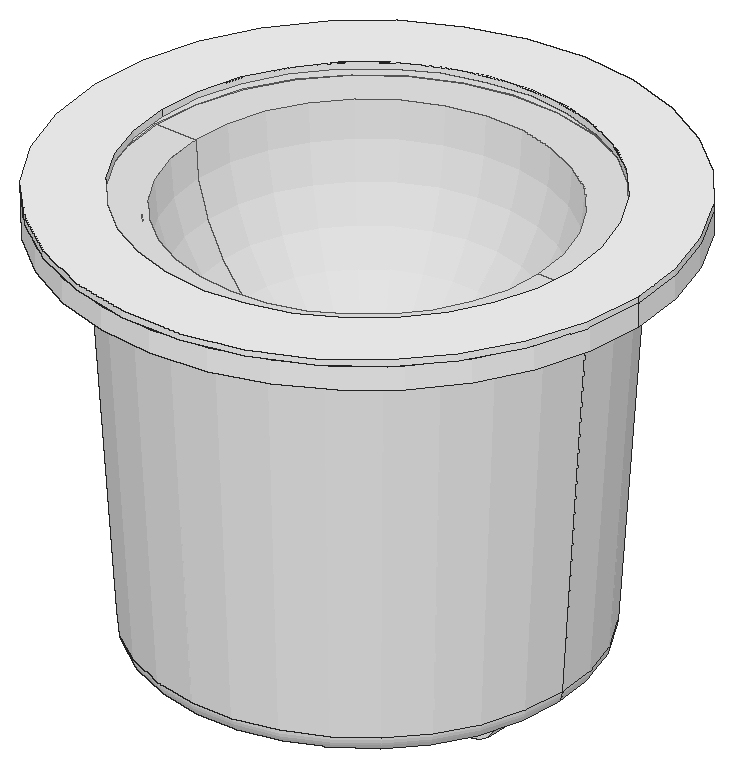
Revit family "2058890 Feilo Sylvania Lighting Fixture MYRD IP ST 4K PHDMEM BLK WBEZ", category Lighting Fixtures, host Face, Revit 2017
Family settings
  Host = Face
  Round Connector Dimension = Use Diameter
  Part Type = Normal
  OmniClass Number = 23.80.70.11.17
  OmniClass Title = Specialized Lighting by Location or Use
  Cut with Voids When Loaded = No
  Light Source = Yes
  Shared = No
  Room Calculation Point = No
Parameters
  Weight = "1.44 kg"
  Wattage = 12 W
  WarrantyStartDate [instance] = "n/a"
  WarrantyGuarantorParts = "n/a"
  WarrantyDurationUnit = "n/a"
  WarrantyDurationParts = "n/a"
  WarrantyDescription = "n/a"
  built-in parameter 1150110 = 1 (stored number, unit not read)
  Voltage = 230 V
  URL = "http://www.sylvania-lighting.com"
  TypeName = "MYRD IP ST 4K PHDMEM BLK WBEZ"
  Type Image = 0
  Type Comments = ""
  built-in parameter 1114217 = 1 (stored number, unit not read)
  Tilt Angle = -90°
  built-in parameter 1150109 = 1 (stored number, unit not read)
  built-in parameter 1150134 = 12
  built-in parameter 1150113 = 1 (stored number, unit not read)
  SerialNumber [instance] = "n/a"
  Reflector Radius = Cutout Diameter / 2 - 2.5 mm  # 35.0 mm
  Reflector Material = Aluminum_Sylvania_Myriad_Bright
  Recessed Depth = Height  # 72.0 mm
  PowerFactor = 0
  PowerConsumption = "12 W"
  Photometric Web File = ""
  NominalWidth = 0.0 mm
  NominalLength = 76.0 mm
  NominalHeight = 72.0 mm
  Name = "MYRD IP ST 4K PHDMEM BLK WBEZ"
  ModelReference = "MYRD IP ST 4K PHDMEM BLK WBEZ"
  ModelNumber = "2058890"
  Material = "Aluminium"
  ManufacturerName = "Feilo Sylvania"
  LuminousEfficacy = "113 lm/W"
  LuminaireType = "Ceiling recessed"
  LightOutputRatio = "1"
  LampsType = Lamp  # "LED"
  LampNominalLuminous = "1132 lm"
  LampMacAdamStep = "n/a"
  LampColourTemperature = "4000 K"
  LampColourRenderingIndex = "n/a"
  Keynote = "16500"
  Keynote_2 = "16500"
  InstallationDate [instance] = "n/a"
  InputVoltage = "230-240V~"
  InputNominalFrequency = "50/60 Hz"
  IngressProtection = "IP65"
  ImpactProtectionIndex = "IK02"
  IfcExportType = "IfcLightFixtureType"
  IfcExportAs = "IfcLightFixtureType"
  Height = 72.0 mm  # constant formula
  ExpectedLife = 50000
  Emit from Circle Diameter = Accessory Inner Diameter 2  # 68.0 mm
  Emit Shape Visible in Rendering = no
  ElectricShockClassification = "Class II"
  DurationUnit = "hours"
  DocumentationLiterature = "http://www.sylvania-lighting.com/product/en-int/products/2058890"
  DimmingControlOptions = "Dimmable"
  Diffuser Material = Glass_Sylvania_Myriad_Clear_4000K
  Diffuser Diameter = Cutout Diameter  # 75.0 mm
  Cutout Diameter = 75.0 mm  # constant formula
  CreatedOn = "03-11-2017"
  CreatedBy = ""
  Cost = 0
  built-in parameter 1114216 [instance] = 1 (stored number, unit not read)
  built-in parameter 1150142 = (empty or 0)
  Model = "MYRD IP ST 4K PHDMEM BLK WBEZ"
  Manufacturer = "Feilo Sylvania"  # constant formula
  built-in parameter 1150105 = 107.91 (stored number, unit not read)
  Lumens = 1356 lm
  built-in parameter 1150115 = 1 (stored number, unit not read)
  built-in parameter 1150137 = (empty or 0)
  built-in parameter 1150139 = (empty or 0)
  built-in parameter 1150112 = 1 (stored number, unit not read)
  built-in parameter 1150114 = 1 (stored number, unit not read)
  Lamp = "LED"
  built-in parameter 1150132 = (empty or 0)
  built-in parameter 1150102 = (empty or 0)
  built-in parameter 1150107 = 4000 (stored number, unit not read)
  built-in parameter 1150138 = (empty or 0)
  built-in parameter 1150106 = 1.0791 (stored number, unit not read)
  built-in parameter 1150104 = 10.498 (stored number, unit not read)
  Dimming Lamp Color Temperature Shift = (empty or 0)
  Description = "Supplied complete with electronic control gear Compact Fluorescent low energy downlight Emergency version passes through the cut out Ideal for low level orientation lighting New range of Architectural accessories each providing a different lit dimension New completely flush plaster up accessory ring for clean ceiling lines and smooth finish Order lamp separately"  # constant formula
  Default Elevation = 0.0 mm
  Color Filter = 16777215
  built-in parameter 1140040 [instance] = 1
  Body Radius = Reflector Radius + 1.5 mm  # 36.5 mm
  Body Material = Aluminum_Sylvania_Myriad_Gray
  BarCode [instance] = "n/a"
  built-in parameter 1114218 = 1 (stored number, unit not read)
  built-in parameter 1150133 = 10 (stored number, unit not read)
  AssetType = "Fixed"
  AssetIdentifier [instance] = "n/a"
  Assembly Code = "D5020200"
  Apparent Load = 12 VA
  Accessory Material = Aluminum_Sylvania_Myriad_White
  Accessory Inner Diameter 2 = Accessory Diameter - 22.0 mm  # 68.0 mm
  Accessory Inner Diameter 1 = Accessory Diameter - 2.0 mm  # 88.0 mm
  Accessory Diameter = Cutout Diameter + 15.0 mm  # 90.0 mm
Reference planes
  plane 1 "Center (Front/Back)": y = 0
  plane 2: z = 0
  plane 3 "Center (Left/Right)": x = 0
  plane 4: z = 2
  plane 5 "Fixture Bottom": z = 4.5
  plane 6: z = -28.5
  plane 7: z = -61.5
  plane 8 "Fixture Top": z = -67.5
  plane 9: z = 3.5
Forms (mm)
  Revolve 1, solid, material "Aluminum_Sylvania_Myriad_Bright" <- "Reflector Material", detail levels fine
    sketch origin (0, 0, 0) x (1, 0, 0) y (0, 0, 1)
      loop
        line (0, -27.515) -> (-6, -27.515)
        arc (-6, -27.515) -> (-22.333, -16.632) -> (-28.5, 2) r 30.135
        line (-28.5, 2) -> (-35, 2) -> (-35, 0) -> (-29.184, 0)
        arc (-29.184, 0) -> (-22.423, -18.18) -> (-6, -28.5) r 30.204
        line (-6, -28.5) -> (0, -28.5) -> (0, -27.515)
      axis (0, -28.5) -> (0, 2)
    angle from 0 to 360
  Revolve 2, solid, material "Aluminum_Sylvania_Myriad_Gray" <- "Body Material", detail levels fine
    sketch origin (0, 0, 0) x (1, 0, 0) y (0, 0, 1)
      loop
        line (-44, 2) -> (-44, 0) -> (-36.5, 0) -> (-32.42, -58.708)
        arc (-32.42, -58.708) -> (-31.474, -60.694) -> (-29.428, -61.5) r 3
        line (-29.428, -61.5) -> (0, -61.5) -> (0, -28.5) -> (-6, -28.5)
        arc (-6, -28.5) -> (-22.423, -18.18) -> (-29.184, 0) r 30.204
        line (-29.184, 0) -> (-35, 0) -> (-35, 2) -> (-44, 2)
      axis (0, 2) -> (0, -61.5)
    angle from 0 to 360
  Extrusion 3, solid, material "Aluminum_Sylvania_Myriad_Gray" <- "Body Material", detail levels fine
    sketch origin (0, 0, 0) x (1, 0, 0) y (0, 0, 1)
      loop
        line (-13.5, -67.5) -> (21, -67.5)
        arc (21, -67.5) -> (23.828, -66.328) -> (25, -63.5) r 4
        line (25, -63.5) -> (25, -61.5) -> (-17.5, -61.5) -> (-17.5, -63.5)
        arc (-17.5, -63.5) -> (-16.328, -66.328) -> (-13.5, -67.5) r 4
    from -4.5 to 4.5
  Extrusion 4, solid, material "Aluminum_Sylvania_Myriad_White" <- "Accessory Material", detail levels fine
    sketch origin (0, 0, 0) x (1, 0, 0) y (0, 1, 0)
      loop
        circle (0, 0) r 45
      loop
        circle (0, 0) r 44
    from 0 to 3.5
  Extrusion 5, solid, material "Aluminum_Sylvania_Myriad_White" <- "Accessory Material", detail levels fine
    sketch origin (0, 0, 0) x (1, 0, 0) y (0, 1, 0)
      loop
        circle (0, 0) r 45
      loop
        circle (0, 0) r 34
    from 3.5 to 4.5
  Extrusion 6, solid, material "Aluminum_Sylvania_Myriad_White" <- "Accessory Material", detail levels coarse+medium
    sketch origin (0, 0, 0) x (1, 0, 0) y (0, 1, 0)
      loop
        circle (0, 0) r 45
    from 0 to 4.5
  Revolve 7, solid, detail levels coarse+medium
    sketch origin (0, 0, 0) x (1, 0, 0) y (0, 0, 1)
      loop
        line (36.5, 0) -> (0, 0) -> (0, -61.5) -> (32.226, -61.5) -> (36.5, 0)
      axis (0, 0) -> (0, -61.5)
    angle from 0 to 360
  Extrusion 8, void
    sketch origin (0, 0, 0) x (1, 0, 0) y (0, 1, 0)
      loop
        circle (0, 0) r 37.5
    from -67.5 to 0
  Extrusion 9, solid, material "Glass_Sylvania_Myriad_Clear_4000K" <- "Diffuser Material", detail levels fine
    sketch origin (0, 0, 0) x (1, 0, 0) y (0, 1, 0)
      loop
        circle (0, 0) r 37.5
    from 2 to 3.5
Cuts and joins
  joined: Extrusion 4, Extrusion 5
Lines and regions (mm)
  Masking region 1
    outline origin (0, 0, 0) x (1, 0, 0) y (0, 1, 0)
      loop
        circle (0, 0) r 45
  symbolic lines
    curve 1: arc (-34, 0, 0) -> (0, 34, 0) -> (34, 0, 0) r 34
    curve 2: arc (34, 0, 0) -> (0, -34, 0) -> (-34, 0, 0) r 34
Dimensions and locks
  locked: plane 7 to plane 8 "Fixture Top" at 6
  "Body Radius": Revolve 7 sketch curve to plane 3 "Center (Left/Right)"
  locked: Revolve 7 sketch curve to Revolve 7 sketch curve at 4.274
  plane 5 "Fixture Bottom" to plane 9 to plane 4 to plane 2 to plane 6 = 1.0 mm locked, 1.5 mm locked, 2.0 mm locked, 28.5 mm locked
  "Reflector Radius": Revolve 1 sketch curve to plane 3 "Center (Left/Right)"
  Revolve 1 sketch curve to Revolve 1 sketch curve to Revolve 1 sketch curve to Revolve 1 sketch curve = 6.5 mm locked, 22.5 mm locked, 0.0 mm locked
  "Reflector Radius": plane 3 "Center (Left/Right)" to Revolve 2 sketch curve
  Revolve 2 sketch curve to Revolve 2 sketch curve to Revolve 2 sketch curve = 7.5 mm locked, 1.5 mm locked
  Revolve 2 sketch curve to Revolve 2 sketch curve to Revolve 2 sketch curve = 5.816 mm locked, 23.184 mm locked
  Revolve 2 sketch curve to Revolve 2 sketch curve to Revolve 2 sketch curve = 2.58 mm locked, 2.993 mm locked
  "Accessory Diameter": diameter of Extrusion 4 sketch curve
  "Accessory Inner Diameter 1": diameter of Extrusion 4 sketch curve
  "Accessory Diameter": diameter of Extrusion 5 sketch curve
  "Accessory Diameter": diameter of Extrusion 6 sketch curve
  "Cutout Diameter": diameter of Extrusion 8 sketch curve
  "Accessory Inner Diameter 2": diameter of Extrusion 5 sketch curve
  "Diffuser Diameter": diameter of Extrusion 9 sketch curve
  aligned and locked: plane 2 to host face
  aligned and locked: level to host face
  aligned and locked: plane 1 "Center (Front/Back)" to imposter light
  aligned and locked: plane 3 "Center (Left/Right)" to imposter light
  aligned and locked: Revolve 1 sketch curve to imposter light
  aligned and locked: Extrusion 3 sketch curve to plane 8 "Fixture Top"
  aligned and locked: plane 7 to Extrusion 3 sketch curve
  aligned and locked: Extrusion 4 to plane 2
  aligned and locked: plane 9 to Extrusion 4
  aligned and locked: Extrusion 5 to plane 9
  aligned and locked: plane 5 "Fixture Bottom" to Extrusion 5
  aligned and locked: Extrusion 6 to plane 2
  aligned and locked: plane 5 "Fixture Bottom" to Extrusion 6
  aligned and locked: Extrusion 8 to plane 8 "Fixture Top"
  aligned and locked: plane 2 to Extrusion 8
  aligned and locked: Masking region 1 sketch curve to Extrusion 6  (x2)
  aligned and locked: Extrusion 9 to plane 4
  aligned and locked: plane 9 to Extrusion 9
  aligned and locked: plane 4 to Revolve 2 sketch curve
  aligned and locked: Revolve 2 sketch curve to plane 2
  aligned and locked: curve 1 to cut or joined group of Extrusion 4, Extrusion 5
  aligned and locked: curve 2 to cut or joined group of Extrusion 4, Extrusion 5
  aligned and locked: imposter light to plane 5 "Fixture Bottom"
Automatic sketch dimensions
  host sketch curve to host sketch curve = 1305.563 mm
  host sketch curve to host sketch curve = 1283.632 mm
  Extrusion 3 sketch curve to plane 7 = 2.0 mm
  Extrusion 3 sketch curve to plane 3 "Center (Left/Right)" = 13.5 mm
  plane 3 "Center (Left/Right)" to Extrusion 3 sketch curve = 21.0 mm
  Extrusion 3 sketch curve to Extrusion 3 sketch curve = 4.0 mm
  Revolve 1 sketch curve to level = 0.0 mm
  Revolve 1 sketch curve to plane 3 "Center (Left/Right)" = 0.0 mm
  Revolve 1 sketch curve to plane 6 = 0.0 mm
  Revolve 1 sketch curve to plane 4 = 0.0 mm
  Revolve 1 sketch curve to Revolve 1 sketch curve = 0.684 mm
  level to Revolve 1 sketch curve = 0.88 mm
  Revolve 1 sketch curve to plane 4 = 0.363 mm
  Revolve 1 sketch curve to Revolve 1 sketch curve = 0.625 mm
  Revolve 1 sketch curve to plane 8 "Fixture Top" = 232.8 mm
  plane 5 "Fixture Bottom" to Revolve 1 sketch curve = 291.243 mm
  Revolve 2 sketch curve to plane 3 "Center (Left/Right)" = 0.0 mm  (x2)
  Revolve 2 sketch curve to plane 7 = 0.0 mm
  Revolve 2 sketch curve to plane 6 = 0.0 mm
  Revolve 2 sketch curve to level = 0.0 mm
  level to Revolve 2 sketch curve = 0.88 mm
  plane 7 to Revolve 2 sketch curve = 2.792 mm
  Revolve 2 sketch curve to plane 8 "Fixture Top" = 304.774 mm
  plane 5 "Fixture Bottom" to Revolve 2 sketch curve = 1137.105 mm
  Extrusion 4 sketch curve to Extrusion 4 sketch curve = 0.0 mm  (x2)
  plane 1 "Center (Front/Back)" to Extrusion 4 sketch curve = 0.0 mm
  Extrusion 4 sketch curve to plane 3 "Center (Left/Right)" = 0.0 mm
  Extrusion 5 sketch curve to Extrusion 5 sketch curve = 0.0 mm  (x2)
  plane 1 "Center (Front/Back)" to Extrusion 5 sketch curve = 0.0 mm
  Extrusion 5 sketch curve to plane 3 "Center (Left/Right)" = 0.0 mm
  plane 1 "Center (Front/Back)" to Extrusion 6 sketch curve = 0.0 mm
  Extrusion 6 sketch curve to plane 3 "Center (Left/Right)" = 0.0 mm
  Revolve 7 sketch curve to level = 0.0 mm
  Revolve 7 sketch curve to plane 3 "Center (Left/Right)" = 0.0 mm  (x2)
  Revolve 7 sketch curve to plane 7 = 0.0 mm
  Revolve 7 sketch curve to plane 8 "Fixture Top" = 304.774 mm
  plane 5 "Fixture Bottom" to Revolve 7 sketch curve = 43.226 mm
  plane 1 "Center (Front/Back)" to Extrusion 8 sketch curve = 0.0 mm
  Extrusion 8 sketch curve to plane 3 "Center (Left/Right)" = 0.0 mm
  plane 1 "Center (Front/Back)" to Extrusion 9 sketch curve = 0.0 mm
  Extrusion 9 sketch curve to plane 3 "Center (Left/Right)" = 0.0 mm
Connectors
  electrical at (-0.006, -0.019, -67.5), driven by "Apparent Load", driven by "Apparent Load"
    settings: on plane 8 "Fixture Top", index 1, voltage 230 V, apparent load 12 VA, apparent load phase1 12 VA, apparent load phase2 0 VA, apparent load phase3 0 VA, power factor 1, load classification "Lighting", number of poles 1, system type 30, power factor state 1, is connector primary yes, connector utility no, sub classification motor no, connector description ""
